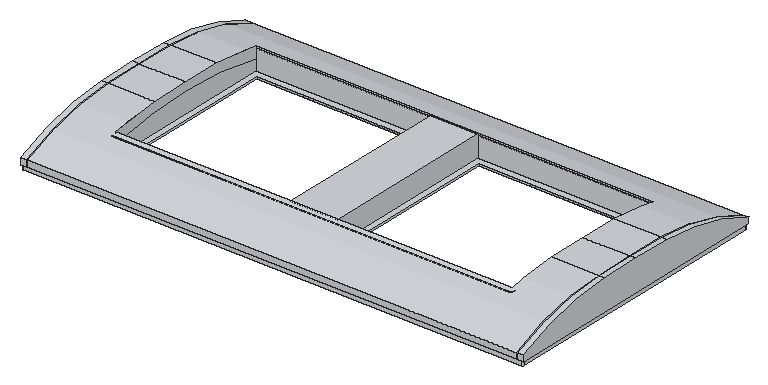
Revit family "Gira_0212761", category Electrical Fixtures, host Face, Revit 2017
Family settings
  Host = Face
  Maintain Annotation Orientation = No
  Round Connector Dimension = Use Diameter
  Part Type = Normal
  Cut with Voids When Loaded = No
  Shared = No
  Room Calculation Point = No
Parameters (values of type "Abdeckrahmen 2f Zwischenr. CW Gira Event Klar Braun")
  Werkstoffgüte = "Thermoplast"
  Werkstoff = "Kunststoff"
  URL = "http://katalog.gira.de/de_DE/datenblatt.html?artikelnr=0212761"
  Transparent = "No"
  Textfeld/Beschriftungsfläche = "No"
  Schutzart (IP) = "IP20"
  Region = "DE"
  Oberfläche = "sonstige"
  Name = "Abdeckrahmen 2f Zwischenr. CW Gira Event Klar Braun"
  Montagerichtung = "horizontal und vertikal"
  Mit Montagerahmen = "No"
  Mit Klappdeckel = "No"
  Manufacturer URL = "https://www.gira.de/"
  Keynote = "Event_Rahmen_2fach"
  HeinzeBIM = "https://bimportal.heinze.de/bim/abdeckrahmen-2f-zwischenr-cw-gira-event-klar-braun/17e8acdd84b56cc41f818ccf38c5e6c343372851"
  Halogenfrei = "Yes"
  HAN = "0212761"
  Geeignet für Unterputz-Installation = "Yes"
  Geeignet für Unterflurkanaldose = "No"
  Geeignet für Geräteeinbaukanal = "No"
  Geeignet für Einbauinstallation = "No"
  GTIN = "4010337069294"
  Farbe = "braun"
  Default Elevation = 1219.2 mm
  Data sheet (1) = "https://katalog.gira.de/de_DE/download.html?artikelnr=0212761"
  Category = "Abdeckrahmen"
  Befestigungsart = "Klemmbefestigung"
  Available = "Yes"
  Ausführung der Oberfläche = "glänzend"
  Anzahl der Einheiten vertikal = "2 "
  Anzahl der Einheiten horizontal = "2 "
  Anzahl der Einheiten = "2 "
Reference planes
  plane 1 "Center (Front/Back)": y = 0
  plane 2: z = 0
  plane 3 "Center (Left/Right)": x = 0
Forms (mm)
  Extrusion 1, solid, detail levels fine
    sketch origin (0, 0, 0.05) x (0, 1, 0) y (0, 0, 1)
      loop
        arc (12.445, 9.683) -> (6.223, 9.833) -> (0, 9.85) r 291.636
        arc (0, 9.85) -> (-6.223, 9.833) -> (-12.445, 9.683) r 291.636
        arc (-12.445, 9.683) -> (-29.14, 7.482) -> (-45, 1.823) r 79.728
        line (-45, 1.823) -> (-45, -0.05) -> (-42.086, -0.05)
        arc (-42.086, -0.05) -> (-21.385, 5.559) -> (0, 7.206) r 114.424
        arc (0, 7.206) -> (21.385, 5.559) -> (42.086, -0.05) r 114.424
        line (42.086, -0.05) -> (45, -0.05) -> (45, 1.823)
        arc (45, 1.823) -> (29.14, 7.482) -> (12.445, 9.683) r 79.728
    from -78.55 to 78.55
  Extrusion 2, void, detail levels fine
    sketch origin (0, 0, 0) x (1, 0, 0) y (0, 1, 0)
      loop
        line (-63.55, -27.937) -> (63.55, -27.937) -> (63.55, 28.063) -> (-63.55, 28.063) -> (-63.55, -27.937)
    from 0.724 to 11
  Extrusion 3, solid, detail levels coarse
    sketch origin (0, 0, 0) x (1, 0, 0) y (0, 1, 0)
      loop
        line (-80.55, 45) -> (-80.55, -45) -> (80.55, -45) -> (80.55, 45) -> (-80.55, 45)
    from -1.5 to 9.9
  Extrusion 4, solid, detail levels medium
    sketch origin (0, 0, 0.05) x (0, 1, 0) y (0, 0, 1)
      loop
        arc (12.445, 9.683) -> (6.223, 9.833) -> (0, 9.85) r 291.636
        arc (0, 9.85) -> (-6.223, 9.833) -> (-12.445, 9.683) r 291.636
        arc (-12.445, 9.683) -> (-29.14, 7.482) -> (-45, 1.823) r 79.728
        line (-45, 1.823) -> (-45, -0.05) -> (45, -0.05) -> (45, 1.823)
        arc (45, 1.823) -> (29.14, 7.482) -> (12.445, 9.683) r 79.728
    from -80.55 to 80.55
  Extrusion 5, solid, detail levels fine
    sketch origin (-35.55, 0, -1.5) x (0, 1, 0) y (0, 0, -1)
      loop
        line (45, -3.373) -> (45, -1.5) -> (-45, -1.5) -> (-45, -3.373)
        arc (-45, -3.373) -> (-29.14, -9.032) -> (-12.445, -11.233) r 79.728
        arc (-12.445, -11.233) -> (-6.223, -11.383) -> (0, -11.4) r 291.636
        arc (0, -11.4) -> (6.223, -11.383) -> (12.445, -11.233) r 291.636
        arc (12.445, -11.233) -> (29.14, -9.032) -> (45, -3.373) r 79.728
    from 43 to 45
  Extrusion 6, solid, detail levels fine
    sketch origin (0, 0, 0) x (1, 0, 0) y (0, 1, 0)
      loop
        line (-61.45, 25.7) -> (-61.45, -25.7) -> (-9.65, -25.7) -> (-9.65, 25.7) -> (-61.45, 25.7)
      loop
        line (61.45, -25.7) -> (61.45, 25.7) -> (9.65, 25.7) -> (9.65, -25.7) -> (61.45, -25.7)
      loop
        line (-64.445, 28.49) -> (-64.445, -28.495)
        spline (-64.445, -28.495) -> (-64.436, -28.625) -> (-64.411, -28.754) -> (-64.369, -28.878) -> (-64.311, -28.995) -> (-64.238, -29.104) -> (-64.152, -29.202) -> (-64.054, -29.288) -> (-63.945, -29.361) -> (-63.828, -29.419) -> (-63.704, -29.461) -> (-63.575, -29.486) -> (-63.445, -29.495)
        line (-63.445, -29.495) -> (63.445, -29.495)
        spline (63.445, -29.495) -> (63.575, -29.486) -> (63.704, -29.461) -> (63.828, -29.419) -> (63.945, -29.361) -> (64.054, -29.288) -> (64.152, -29.202) -> (64.238, -29.104) -> (64.311, -28.995) -> (64.369, -28.878) -> (64.411, -28.754) -> (64.436, -28.625) -> (64.445, -28.495)
        line (64.445, -28.495) -> (64.445, 28.49)
        spline (64.445, 28.49) -> (64.436, 28.62) -> (64.411, 28.748) -> (64.369, 28.872) -> (64.311, 28.99) -> (64.238, 29.098) -> (64.152, 29.197) -> (64.054, 29.283) -> (63.945, 29.356) -> (63.828, 29.413) -> (63.704, 29.456) -> (63.575, 29.481) -> (63.445, 29.49)
        line (63.445, 29.49) -> (-63.445, 29.49)
        spline (-63.445, 29.49) -> (-63.575, 29.481) -> (-63.704, 29.456) -> (-63.828, 29.413) -> (-63.945, 29.356) -> (-64.054, 29.283) -> (-64.152, 29.197) -> (-64.238, 29.098) -> (-64.311, 28.99) -> (-64.369, 28.872) -> (-64.411, 28.748) -> (-64.436, 28.62) -> (-64.445, 28.49)
    from 0.1 to 7.3
  Extrusion 7, solid
    sketch origin (0, 0, 0) x (1, 0, 0) y (0, 1, 0)
      loop
        arc (-80.25, -44.2) -> (-80.104, -44.554) -> (-79.75, -44.7) r 0.5
        line (-79.75, -44.7) -> (79.75, -44.7)
        arc (79.75, -44.7) -> (80.104, -44.554) -> (80.25, -44.2) r 0.5
        line (80.25, -44.2) -> (80.25, 44.2)
        arc (80.25, 44.2) -> (80.104, 44.554) -> (79.75, 44.7) r 0.5
        line (79.75, 44.7) -> (-79.75, 44.7)
        arc (-79.75, 44.7) -> (-80.104, 44.554) -> (-80.25, 44.2) r 0.5
        line (-80.25, 44.2) -> (-80.25, -44.2)
      loop
        line (-78.55, 43) -> (-78.55, -43) -> (78.55, -43) -> (78.55, 43) -> (-78.55, 43)
    from -1.5 to 0.5
  Extrusion 8, solid, detail levels fine
    sketch origin (35.55, 0, -1.5) x (0, 1, 0) y (0, 0, 1)
      loop
        arc (45, 3.373) -> (29.14, 9.032) -> (12.445, 11.233) r 79.728
        arc (12.445, 11.233) -> (6.223, 11.383) -> (0, 11.4) r 291.636
        arc (0, 11.4) -> (-6.223, 11.383) -> (-12.445, 11.233) r 291.636
        arc (-12.445, 11.233) -> (-29.14, 9.032) -> (-45, 3.373) r 79.728
        line (-45, 3.373) -> (-45, 1.5) -> (45, 1.5) -> (45, 3.373)
    from 43 to 45
  Extrusion 9, solid, detail levels medium
    sketch origin (0, 0, 0) x (1, 0, 0) y (0, 1, 0)
      loop
        line (-80.25, -44.7) -> (80.25, -44.7) -> (80.25, 44.7) -> (-80.25, 44.7) -> (-80.25, -44.7)
    from -1.5 to 0.5
  Extrusion 10, solid, detail levels fine
    sketch origin (0, 0, 0) x (1, 0, 0) y (0, 1, 0)
      loop
        line (-7.55, 28.063) -> (-7.55, -27.937) -> (7.55, -27.937) -> (7.55, 28.063) -> (-7.55, 28.063)
    from 0.724 to 7.566
Cuts and joins
  Extrusion 2 cuts Extrusion 1
  Extrusion 2 cuts Extrusion 6
Dimensions and locks
  aligned and locked: plane 2 to host face
  aligned and locked: level to host face
